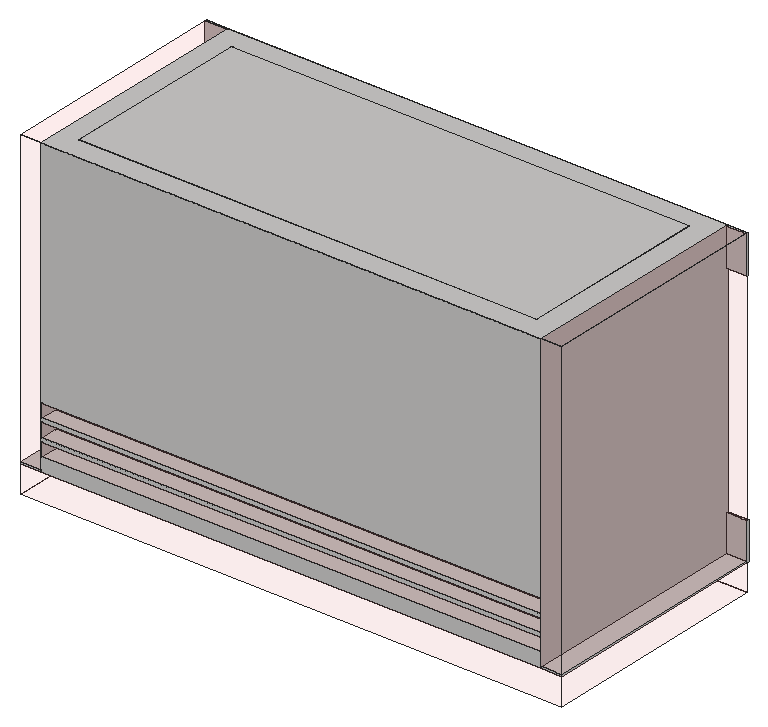
Revit family "Air-Curtain_Industrial_PoweredAire_Unheated", category Mechanical Equipment, host Face, Revit 2025
Family settings
  Host = Face
  Round Connector Dimension = Use Diameter
  Part Type = Normal
  OmniClass Number = 23.75.35.17.21
  OmniClass Title = Air Curtains
  Cut with Voids When Loaded = No
  Maintain Annotation Orientation = No
  Shared = No
  Room Calculation Point = No
Parameters
  topbrackets [instance] = and(Unit Height = 1' 4 3/4", Unit Depth = 1' 9 1/4")  # yes
  Warranty Duration (Years) = 0
  Unit Width Notes = "Other Widths available."  # constant formula
  Unit Width = 3' - 3"
  Unit Weight = 0
  Unit Height = 1' - 4 3/4"
  Unit Depth = 1' - 9 1/4"
  URL = "http://www.poweredaire.com/"
  Test Data = ""
  Standards Conformance = "as Specified"
  Specification = "http://www.arcat.com/sdspecs/htm04/23_34_33pai.htm"
  SpecWizard = ""
  Sound Pressure = "as Specified"
  Sales Information = "http://www.poweredaire.com/contact_us"
  Revision = "R1_2016-08"
  Projection from Host [instance] = 0' - 2"
  Product Properties = ""
  Product Data = "http://www.arcat.com/arcatcos/cos47/arc47623.html"
  Power Rating = 0 W
  Nozzle Width = if(1 = 1, Unit Width - 0' 3", 0' 0")  # 3' - 0"
  Mounting Width = if(1 = 1, Unit Width - 0' 1 1/2", 0' 0")  # 3' - 1 1/2"
  Mounting Height [instance] = 3' - 6"
  Motor RPM = 0
  Motor HP = 0
  Motor Count = 0
  Model = "As Specified"
  Max Height = 0' - 0"
  Manufacturer Website = "http://www.poweredaire.com/"
  Manufacturer Phone - Toll Free = "888-321-2473"
  Manufacturer Phone = "724-588-3305"
  Manufacturer Fax = "724-588-3371"
  Manufacturer Address = "109 Mortensen Rd.  Greenville, PA 16125"
  Manufacturer = "Powered Aire, Inc"
  Maintenance Schedule (Months) = 0
  Keynote = "23 34 33"
  Installation-Fabrication = ""
  Installation Phase = ""
  Include Clearance [instance] = yes
  Heating Element Load = 0 W
  HVAC_Temperature Rise = 0 °F
  HVAC_Outlet Volume = 0 CFM
  HVAC_Outlet Velocity Uniformity = 0
  HVAC_Outlet Velocity = 0 FPM
  Green Building-LEED = "http://www.arcat.com/green/clients/leed_data_47623.html"
  Front Grating Material [instance] = Metal - Steel - PoweredAire - Stainless 304 Perforated
  Frame Finish [instance] = Metal - Steel - PoweredAire - Stainless 304
  Expected Lifespan (Years) = 0
  Electrical_Wattage [instance] = Power Rating + Heating Element Load  # 0 W
  Electrical_Voltage [instance] = 0 V
  Electrical_Phase [instance] = 1
  Electrical_Frequency [instance] = 0 Hz
  Electrical_Amperage [instance] = 0 A
  Drawn By = "Sumex Design, Inc. / Robert S. Weygant, CSI, CDT, SCIP"
  Description = "Powered Aire Air Curtain as Specified"
  Default Elevation = 0' - 0"  # constant formula
  Copyright = "©Arcat Inc."
  Construction Details = "http://www.arcat.com/details/powair/prod3336.html"
  Clearance_Top [instance] = 0' - 0"
  Clearance_Side B [instance] = 0' - 0"
  Clearance_Side A [instance] = 0' - 0"
  Clearance_Intake [instance] = 0' - 0"
  Clearance_Bottom [instance] = 0' - 0"
  Clearance Material [instance] = ARCAT Clearance
  Building Codes = ""
  Available Options [instance] = "as Specified"
  Assembly Code = "D3090400"
Reference planes (in)
  plane 1 "Center (Elevation)": y = 8.51318
  plane 2: z = 0
  plane 3 "Center (Left/Right)": x = 0
  plane 4: y = 16.88818
  plane 5 "BoC": y = 0.13818
  plane 6: x = -19.5
  plane 7: x = 19.5
  plane 8: z = 23.25
  plane 9 "FF": y = -41.86182
  plane 10: z = 2
  plane 11: x = 18
  plane 12: x = -18
  plane 13: y = 16.88818
  plane 14: y = 0.13818
  plane 15: x = -19.5
  plane 16: x = 19.5
  plane 17: z = 23.25
  plane 18: y = 0.13818
  plane 19: x = 17.9375
  plane 20: x = -17.9375
Forms (in)
  Extrusion 1, solid, material "ARCAT Clearance" <- "Clearance Material", visible <- "Include Clearance"
    sketch origin (0, 0, 0) x (0, 1, 0) y (0, 0, 1)
      loop
        line (0.13818, 23.25) -> (0.13818, 0) -> (16.88818, 0) -> (16.88818, 23.25) -> (0.13818, 23.25)
    from -19.5 to 19.5
  Extrusion 2, solid, material "Metal - Steel - PoweredAire - Stainless 304" <- "Frame Finish"
    sketch origin (0, 8.51318, 0) x (1, 0, 0) y (0, 0, 1)
      loop
        line (18, 23.25) -> (-18, 23.25) -> (-18, 2) -> (18, 2) -> (18, 23.25)
    from -8.375 to 8.375
  Extrusion 3, void
    sketch origin (0, 0, 0) x (0, 1, 0) y (0, 0, 1)
      loop
        line (0.13818, 4) -> (0.13818, 3) -> (1.63818, 3) -> (1.63818, 6.5) -> (0.13818, 6.5) -> (0.13818, 5.5) -> (1.38818, 5.5) -> (1.38818, 5.25) -> (0.13818, 5.25) -> (0.13818, 4.25) -> (1.38818, 4.25) -> (1.38818, 4) -> (0.13818, 4)
    from -17.9375 to 17.9375
  Extrusion 4, solid, material "Metal - Steel - PoweredAire - Stainless 304" <- "Frame Finish"
    sketch origin (-15.17702, -180, 2) x (-1, 0, 0) y (0, -1, 0)
      loop
        line (-33.17702, -196.88818) -> (-33.17702, -180.13818) -> (-34.67702, -180.13818) -> (-34.67702, -196.88818) -> (-33.17702, -196.88818)
      loop
        line (2.82298, -196.88818) -> (4.32298, -196.88818) -> (4.32298, -180.13818) -> (2.82298, -180.13818) -> (2.82298, -196.88818)
    from 0 to 0.125
  Extrusion 5, solid, material "Metal - Steel - PoweredAire - Stainless 304" <- "Frame Finish", visible <- "topbrackets"
    sketch origin (-11.83813, 16.88818, 48) x (-1, 0, 0) y (0, 0, 1)
      loop
        line (7.66187, -46) -> (7.66187, -43.25) -> (6.16187, -43.25) -> (6.16187, -46) -> (7.66187, -46)
      loop
        line (-31.33813, -46) -> (-29.83813, -46) -> (-29.83813, -43.25) -> (-31.33813, -43.25) -> (-31.33813, -46)
      loop
        line (7.66187, -27.5) -> (7.66187, -24.75) -> (6.16187, -24.75) -> (6.16187, -27.5) -> (7.66187, -27.5)
      loop
        line (-31.33813, -27.5) -> (-29.83813, -27.5) -> (-29.83813, -24.75) -> (-31.33813, -24.75) -> (-31.33813, -27.5)
    from 0 to -0.125
  Extrusion 6, solid, material "Metal - Steel - PoweredAire - Stainless 304 Perforated" <- "Front Grating Material"
    sketch origin (18, 8.51318, 23.25) x (-1, 0, 0) y (0, -1, 0)
      loop
        line (1.5, -6.875) -> (34.5, -6.875) -> (34.5, 6.875) -> (1.5, 6.875) -> (1.5, -6.875)
    from 0 to 0.03125
Cuts and joins
  Extrusion 3 cuts Extrusion 2
Dimensions and locks (in)
  equal spacing: plane 4, plane 1 "Center (Elevation)", plane 5 "BoC"
  "Unit Height": plane 4 to plane 5 "BoC"
  equal spacing: plane 6, plane 3 "Center (Left/Right)", plane 7
  "Unit Width": plane 6 to plane 7
  "Mounting Height": plane 5 "BoC" to plane 9 "FF"
  "Projection from Host": plane 10 to level
  "Unit Depth": plane 8 to plane 10
  locked: plane 6 to plane 12 at 1.5
  locked: plane 11 to plane 7 at 1.5
  "Clearance_Side A": plane 7 to plane 16
  "Clearance_Side B": plane 15 to plane 6
  "Clearance_Top": plane 13 to plane 4
  "Clearance_Bottom": plane 5 "BoC" to plane 14
  "Clearance_Intake": plane 17 to plane 8
  locked: plane 7 to Extrusion 2 sketch curve at 1.5
  locked: Extrusion 2 sketch curve to plane 6 at 1.5
  locked: plane 18 to plane 5 "BoC" at 0
  Extrusion 5 sketch curve to Extrusion 5 sketch curve to plane 10 = 0' - 2 3/4" locked, 0' - 0" locked  (x2)
  locked: plane 12 to Extrusion 6 sketch curve at 1.5
  locked: Extrusion 6 sketch curve to plane 11 at 1.5
  locked: Extrusion 6 sketch curve to plane 5 "BoC" at 1.5
  locked: plane 20 to plane 12 at 0.0625
  locked: plane 11 to plane 19 at 0.0625
  Extrusion 3 sketch curve to Extrusion 3 sketch curve to Extrusion 3 sketch curve to Extrusion 3 sketch curve to Extrusion 3 sketch curve to Extrusion 3 sketch curve to plane 10 = 0' - 1" locked, 0' - 0 1/4" locked, 0' - 1" locked, 0' - 0 1/4" locked, 0' - 1" locked, 0' - 1" locked
  locked: plane 4 to Extrusion 6 sketch curve at 1.5
  locked: Extrusion 5 sketch curve to Extrusion 5 sketch curve at 2.75  (x2)
  aligned and locked: plane 2 to host face
  aligned and locked: level to host face
  aligned and locked: Extrusion 1 sketch curve to plane 17
  aligned and locked: plane 14 to Extrusion 1 sketch curve
  aligned and locked: level to Extrusion 1 sketch curve
  aligned and locked: Extrusion 1 sketch curve to plane 13
  aligned and locked: plane 16 to Extrusion 1
  aligned and locked: Extrusion 1 to plane 15
  aligned and locked: Extrusion 2 to plane 4
  aligned and locked: Extrusion 2 to plane 18
  aligned and locked: Extrusion 4 sketch curve to plane 4  (x2)
  aligned and locked: Extrusion 2 sketch curve to plane 10
  aligned and locked: Extrusion 3 to plane 20
  aligned and locked: plane 19 to Extrusion 3
  aligned and locked: Extrusion 2 sketch curve to plane 8
  aligned and locked: Extrusion 5 sketch curve to plane 8  (x2)
  aligned and locked: plane 18 to Extrusion 4 sketch curve  (x2)
Automatic sketch dimensions
  host sketch curve to host sketch curve = 8' - 0"  (x2)
  Extrusion 4 sketch curve to plane 7 = 0' - 0"
  Extrusion 4 sketch curve to plane 11 = 0' - 0"
  Extrusion 4 sketch curve to plane 12 = 0' - 0"
  Extrusion 4 sketch curve to plane 6 = 0' - 0"
  Extrusion 3 sketch curve to plane 5 "BoC" = 0' - 0"  (x3)
  plane 18 to Extrusion 3 sketch curve = 0' - 1 1/4"
  Extrusion 3 sketch curve to Extrusion 3 sketch curve = 0' - 0"
  Extrusion 3 sketch curve to Extrusion 3 sketch curve = 0' - 0 1/4"
  Extrusion 5 sketch curve to plane 7 = 0' - 0"  (x2)
  Extrusion 5 sketch curve to plane 11 = 0' - 0"  (x2)
  Extrusion 5 sketch curve to plane 12 = 0' - 0"  (x2)
  Extrusion 5 sketch curve to plane 6 = 0' - 0"  (x2)
Connectors (in)
  electrical at (-18, 8.51318, 12.625), driven by "Electrical_Voltage", driven by "Electrical_Phase"
    settings: on cut or joined group of Extrusion 2, Extrusion 3, index 1, voltage 0 V, apparent load 0 VA, apparent load phase1 0 VA, apparent load phase2 0 VA, apparent load phase3 0 VA, power factor 1, load classification "Other", number of poles 1, system type 31, power factor state 1, is connector primary yes, connector utility no, sub classification motor no, connector description ""
